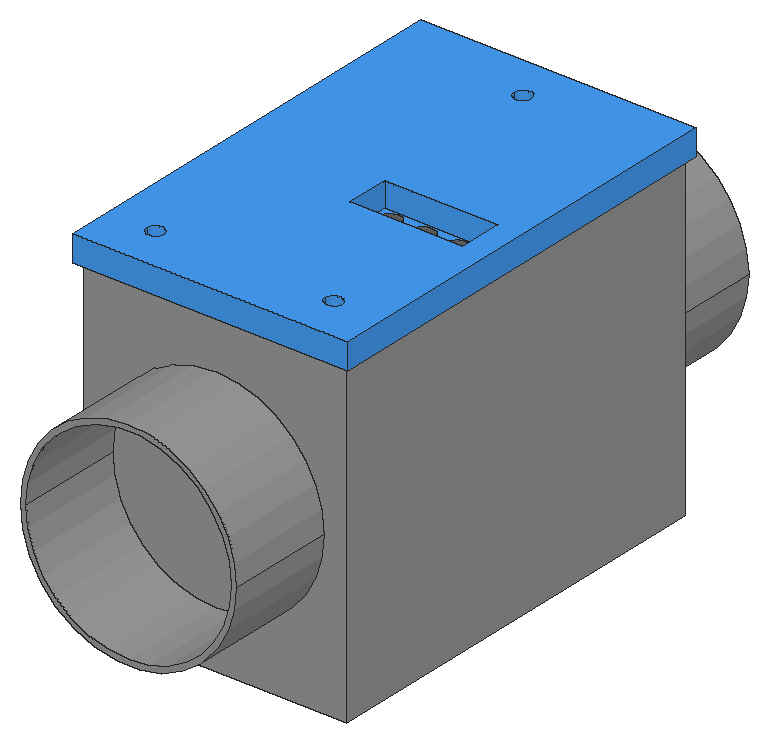
Revit family "CVDDamper", category Duct Accessories, Revit 2015
Parameters (values of type "CVD100")
  Width = 127 mm
  Weight = 2.00 kg
  Voltage = if(Electrical Phase = 3, 400 V, 230 V)  # 230 V
  Unit Description = "Constant Volume Damper"
  Spigot Diameter = 100 mm
  Revit Family Last Revised = "30/10/18"  # constant formula
  Quote/Order Location Reference = ""
  OmniClass Title = "Fans"
  OmniClass Number = "23-33 31 19"
  Number of Connection Poles = 2
  Nuaire Quote/Order Reference = ""
  Nuaire Model Code = "CVD100"
  Manufacturer Name = "Nuaire"  # constant formula
  Length = 201 mm
  IFCExportAs = "IfcFanType"
  ID = Spigot Diameter - 5 mm  # 95 mm
  Model Drawn by = "Michael Grote"  # constant formula
  Maximum Ambient Temperature = 40 °C
  Height = 160 mm
  Electrical Phase = 1
  Classification.Uniclass.Pr.Number = "Pr_65_67_29"
  Classification.Uniclass.Pr.Description = "Fans"
  CVD100 = yes
  URL = "http://www.nuaire.co.uk"
  Warranty Period = "3 Years"
  Weatherproof or Internal Only = "Internal"
  Manufacturer = Manufacturer Name  # "Nuaire"
  Description = Unit Description  # "Constant Volume Damper"
  Air Flow [instance] = 0.0 L/s
  Address = "Western Industrial Estate, Caerphilly, UK"  # constant formula
  Postcode = "CF83 1NA"  # constant formula
  Telephone Number = "+44(0)2920-858-200"  # constant formula
  Fax Number = "+44(0)2920-858-222"  # constant formula
  Email Address = "info@nuaire.co.uk"  # constant formula
  VAT Registration Number = "877308"  # constant formula
  Model = Nuaire Model Code  # "CVD100"
  Spigot Radius = Spigot Diameter / 2  # 50 mm
Types (4, lengths in mm): name | Width | Weight | Spigot Diameter | OmniClass Title | OmniClass Number | Nuaire Model Code | Length | IFCExportAs | ID | Height | Classification.Uniclass.Pr.Number | Classification.Uniclass.Pr.Description | CVD100 | Model | Spigot Radius
  CVD100 | 127 | 2.00 kg | 100 | "Fans" | "23-33 31 19" | "CVD100" | 201 | "IfcFanType" | 95 | 160 | "Pr_65_67_29" | "Fans" | yes | "CVD100" | 50
  CVD200 | 230 | 4.00 kg | 200 | "" | "" | "CVD200" | 300 | "" | 195 | 275 | "" | "" | no | "CVD200" | 100
  CVD125 | 180 | 3.50 kg | 125 | "" | "" | "CVD125" | 300 | "" | 120 | 195 | "" | "" | no | "CVD125" | 62.5
  CVD150 | 200 | 3.70 kg | 150 | "" | "" | "CVD150" | 300 | "" | 145 | 220 | "" | "" | no | "CVD150" | 75
Reference planes
  plane 1 "Center (Front/Back)": y = 0
  plane 2: z = 0
  plane 3 "Center (Left/Right)": x = 0
Dimensions and locks
  locked: plane 1 "Center (Front/Back)" to nested 2 at 40
  aligned and locked: level to plane 2
  aligned and locked: level to nested 1
  aligned and locked: plane 3 "Center (Left/Right)" to nested 2
Nested families
  nested 1: "cvd_base" at (0, 0, -74), type "cvd_base"
    with Air Flow 0.0 L/s, Width 127 mm, Weight 2.00 kg, Spigot Diameter 100 mm, Length 201 mm, ID 95 mm, Height 160 mm, Spigot Radius 50 mm
  nested 2: "label_nuaire_logo" at (0, 40, 86), type "label_nuaire_logo"
    with Scale Factor 267.715 mm, Actual Scale 93.7 mm
Connectors
  hvac at (0, -147.5, 0), driven by "Spigot Radius", driven by "Air Flow"
    settings: on nested 1, index 1, duct flow 0.0 L/s, flow factor 0, pres drop 0.0 Pa, loss coef 0, conn angle 0.00°, conn width 304.8 mm, conn height 304.8 mm, conn diameter 100 mm, duct sys type 29, conn prof type 0, flow config 0, flow direction 2, loss method 0, conn ref index -1, conn util no, is conn primary yes, conn desc "Discharge"
  hvac at (0, 147.5, 0), driven by "Spigot Radius", driven by "Air Flow"
    settings: on nested 1, index 2, duct flow 0.0 L/s, flow factor 0, pres drop 0.0 Pa, loss coef 0, conn angle 0.00°, conn width 304.8 mm, conn height 304.8 mm, conn diameter 100 mm, duct sys type 29, conn prof type 0, flow config 0, flow direction 1, loss method 0, conn ref index -1, conn util no, is conn primary no, conn desc "Intake"
  electrical at (60.5, 0, 0), driven by "Number of Connection Poles", driven by "Voltage"
    settings: on nested 1, index 3, voltage 230 V, apparent load 0 VA, apparent load phase1 0 VA, apparent load phase2 0 VA, apparent load phase3 0 VA, power factor 1, load classification "Other", number of poles 2, system type 30, power factor state 1, is connector primary yes, connector utility no, sub classification motor no, connector description "Power Supply"
Definition of nested family "cvd_base"
  Parameters
    Width = 180 mm
    Weight = 3.50 kg
    Voltage = if(Electrical Phase = 3, 400 V, 230 V)  # 230 V
    Unit Description = "Constant Volume Damper"
    Spigot Diameter = 125 mm
    Revit Family Last Revised = "25/07/16"
    Quote/Order Location Reference = ""
    Number of Connection Poles = 2
    Nuaire Quote/Order Reference = ""
    Nuaire Model Code = "CVD125"
    Manufacturer Name = "Nuaire"  # constant formula
    Length = 300 mm
    ID = Spigot Diameter - 5 mm  # 120 mm
    Model Drawn by = "Michael Grote"  # constant formula
    Maximum Ambient Temperature = 40 °C
    Height = 195 mm
    Electrical Phase = 1
    CVD100 = no
    URL = "http://www.nuaire.co.uk"
    Warranty Period = "3 Years"
    Weatherproof or Internal Only = "Internal"
    Manufacturer = Manufacturer Name  # "Nuaire"
    Description = Unit Description  # "Constant Volume Damper"
    Air Flow [instance] = 0.0 L/s
    Address = "Western Industrial Estate, Caerphilly, UK"  # constant formula
    Postcode = "CF83 1NA"  # constant formula
    Telephone Number = "+44(0)2920-858-200"  # constant formula
    Fax Number = "+44(0)2920-858-222"  # constant formula
    Email Address = "info@nuaire.co.uk"  # constant formula
    VAT Registration Number = "877308"  # constant formula
    Model = Nuaire Model Code  # "CVD125"
    Spigot Radius = Spigot Diameter / 2  # 62.5 mm
  Reference planes
    plane 1 "Center (Front/Back)": y = 0
    plane 2: z = 0
    plane 3 "Center (Left/Right)": x = 0
    plane 4: x = 90
    plane 5: x = -90
    plane 6: y = 150
    plane 7: y = -150
    plane 8: z = 195
    plane 9: z = 91.5
    plane 10: z = 183
    plane 11: y = -147
    plane 12: y = 147
    plane 13: x = -87
    plane 14: x = 87
    plane 15: y = -197
    plane 16: y = 197
    plane 17: y = 129.448
    plane 18: y = -130.098
    plane 19: x = -67.614
    plane 20: x = 67.614
    plane 21: z = -5
    plane 22: y = -108.5
    plane 23: y = 108.5
  Forms (mm)
    Extrusion 1, solid
      sketch origin (0, 0, 0) x (1, 0, 0) y (0, 1, 0)
        loop
          line (-87, 147) -> (-87, -147) -> (87, -147) -> (87, 147) -> (-87, 147)
      from 0 to 183
    Extrusion 2, solid
      sketch origin (0, 0, 0) x (1, 0, 0) y (0, 0, 1)
        loop
          line (-90, 195) -> (-90, 183) -> (90, 183) -> (90, 195) -> (-90, 195)
      from -150 to 150
    Extrusion 3, solid
      sketch origin (0, 0, 0) x (1, 0, 0) y (0, 0, 1)
        loop
          circle (0, 91.5) r 62.5
        loop
          circle (0, 91.5) r 60
      from 147 to 197
    Extrusion 4, solid
      sketch origin (0, 0, 0) x (1, 0, 0) y (0, 0, -1)
        loop
          circle (0, -91.5) r 62.5
        loop
          circle (0, -91.5) r 60
      from 147 to 197
    Extrusion 5, void
      sketch origin (0, 0, 0) x (1, 0, 0) y (0, 1, 0)
        loop
          line (0, 0) -> (0, -20) -> (52.424, -20) -> (52.424, 0) -> (0, 0)
      from 183.714 to 195
    Extrusion 6, solid
      sketch origin (0, 0, 0) x (1, 0, 0) y (0, 1, 0)
        loop
          circle (26.058, -10) r 5
        loop
          circle (10.349, -10) r 5
        loop
          circle (41.768, -10) r 5
      from 183.714 to 186.622
    Extrusion 7, void
      sketch origin (0, 0, 0) x (1, 0, 0) y (0, 1, 0)
        loop
          circle (0, 129.448) r 4
        loop
          circle (-67.614, -130.098) r 4
        loop
          circle (67.614, -130.098) r 4
      from 183.714 to 195
  Cuts and joins
    Extrusion 5, Extrusion 7 cuts Extrusion 2
  Dimensions and locks
    equal spacing: plane 5, plane 3 "Center (Left/Right)", plane 4
    "Width": plane 5 to plane 4
    equal spacing: plane 6, plane 1 "Center (Front/Back)", plane 7
    "Length": plane 6 to plane 7
    equal spacing: plane 10, plane 9, level
    "Height": plane 8 to plane 2
    locked: plane 8 to plane 10 at 12
    locked: plane 11 to plane 7 at 3
    locked: plane 6 to plane 12 at 3
    locked: plane 4 to plane 14 at 3
    locked: plane 5 to plane 13 at 3
    locked: plane 15 to plane 11 at 50
    locked: plane 16 to plane 12 at 50
    locked: cut or joined group of Extrusion 2, Extrusion 5, Extrusion 7 to Extrusion 6 at 2.908
    Extrusion 5 to plane 1 "Center (Front/Back)" = 20 mm
    locked: plane 6 to plane 17 at 20.552
    locked: plane 20 to plane 4 at 22.386
    locked: plane 5 to plane 19 at 22.386
    locked: plane 7 to plane 18 at 19.902
    locked: plane 3 "Center (Left/Right)" to cut or joined group of Extrusion 2, Extrusion 5, Extrusion 7 at 52.424
    locked: cut or joined group of Extrusion 2, Extrusion 5, Extrusion 7 to plane 1 "Center (Front/Back)" at 20
    locked: level to plane 21 at 5
    locked: plane 8 to cut or joined group of Extrusion 2, Extrusion 5, Extrusion 7 at 11.286
    "Spigot Diameter": diameter of Extrusion 3 sketch curve
    "ID": diameter of Extrusion 3 sketch curve
    "Spigot Diameter": diameter of Extrusion 4 sketch curve
    "ID": diameter of Extrusion 4 sketch curve
    diameter of Extrusion 7 sketch curve = 8 mm  (x3)
    aligned and locked: level to plane 2
    aligned and locked: plane 14 to Extrusion 1
    aligned and locked: Extrusion 1 to plane 13
    aligned and locked: Extrusion 2 sketch curve to plane 8
    aligned and locked: Extrusion 2 sketch curve to plane 5
    aligned and locked: plane 10 to Extrusion 2 sketch curve
    aligned and locked: Extrusion 2 sketch curve to plane 4
    aligned and locked: plane 6 to Extrusion 2
    aligned and locked: plane 7 to Extrusion 2
    aligned and locked: Extrusion 3 to plane 11
    aligned and locked: Extrusion 3 to plane 15
    aligned and locked: Extrusion 4 to plane 12
    aligned and locked: Extrusion 4 to plane 16
    aligned and locked: plane 1 "Center (Front/Back)" to Extrusion 5 sketch curve
    aligned and locked: plane 3 "Center (Left/Right)" to Extrusion 5 sketch curve
    aligned and locked: plane 8 to Extrusion 5
    aligned and locked: cut or joined group of Extrusion 2, Extrusion 5, Extrusion 7 to Extrusion 6
    aligned and locked: plane 10 to Extrusion 1
    aligned and locked: plane 8 to Extrusion 7
    aligned and locked: Extrusion 7 to cut or joined group of Extrusion 2, Extrusion 5, Extrusion 7
  Automatic sketch dimensions
    plane 11 to Extrusion 1 sketch curve = 0 mm
    Extrusion 1 sketch curve to plane 13 = 0 mm
    Extrusion 1 sketch curve to plane 14 = 0 mm
    Extrusion 1 sketch curve to plane 12 = 0 mm
    Extrusion 5 sketch curve to plane 14 = 34.576 mm
    plane 3 "Center (Left/Right)" to Extrusion 6 sketch curve = 10.349 mm
    Extrusion 6 sketch curve to Extrusion 6 sketch curve = 15.709 mm  (x2)
    plane 1 "Center (Front/Back)" to Extrusion 6 sketch curve = 10 mm  (x3)
    plane 1 "Center (Front/Back)" to Extrusion 5 sketch curve = 20 mm
    Extrusion 7 sketch curve to plane 18 = 0 mm  (x2)
    Extrusion 7 sketch curve to plane 19 = 0 mm
    Extrusion 7 sketch curve to plane 3 "Center (Left/Right)" = 0 mm
    Extrusion 7 sketch curve to plane 20 = 0 mm
    Extrusion 7 sketch curve to plane 17 = 0 mm
    Extrusion 3 sketch curve to Extrusion 3 sketch curve = 0 mm  (x2)
    Extrusion 3 sketch curve to plane 3 "Center (Left/Right)" = 0 mm
    Extrusion 3 sketch curve to plane 9 = 0 mm
    Extrusion 4 sketch curve to Extrusion 4 sketch curve = 0 mm  (x2)
    Extrusion 4 sketch curve to plane 3 "Center (Left/Right)" = 0 mm
    Extrusion 4 sketch curve to plane 9 = 0 mm
    radius of Extrusion 6 sketch curve = 5 mm  (x3)
  Nested families
    nested 1: "Family1" at (0, 97.5, -5), visible <- "CVD100", type "Family1"
    nested 2: "Family1" at (0, -97.5, -5), visible <- "CVD100", type "Family1"
  Definition of nested family "Family1"
    Reference planes
      plane 1 "Center (Front/Back)": y = 0
      plane 2: z = 0
      plane 3 "Center (Left/Right)": x = 0
      plane 4: x = 61
      plane 5: y = 11
      plane 6: x = -61
    Forms (mm)
      Extrusion 1, solid
        sketch origin (0, 0, 0) x (1, 0, 0) y (0, 1, 0)
          loop
            line (-61, 11) -> (-61, 0) -> (61, 0) -> (61, 11) -> (57.022, 11) -> (57.022, 5.781)
            arc (57.022, 5.781) -> (54.201, 2.96) -> (51.38, 5.781) r 2.821
            line (51.38, 5.781) -> (51.38, 11) -> (-51.38, 11) -> (-51.38, 5.781)
            arc (-51.38, 5.781) -> (-54.201, 2.96) -> (-57.022, 5.781) r 2.821
            line (-57.022, 5.781) -> (-57.022, 11) -> (-61, 11)
        from 0 to 5
    Dimensions and locks
      plane 1 "Center (Front/Back)" to plane 5 = 11 mm
      aligned and locked: level to plane 2
      aligned and locked: Extrusion 1 sketch curve to plane 5
      aligned and locked: Extrusion 1 sketch curve to plane 1 "Center (Front/Back)"
      aligned and locked: Extrusion 1 sketch curve to plane 4
      aligned and locked: Extrusion 1 sketch curve to plane 6
Definition of nested family "label_nuaire_logo"
  Parameters
    Scale Factor [instance] = Scale * 452  # 452 mm
    Scale = 1 mm
    Actual Scale [instance] = Scale Factor * 0.35  # 158.2 mm
  Reference planes
    plane 1 "Center (Front/Back)": y = 0
    plane 2: z = 0
    plane 3 "Center (Left/Right)": x = 0
  Lines and regions (mm)
    reference lines
      curve 1: line (79.1, -32.13, 0) -> (79.1, 30, 0)
      curve 2: line (-79.1, -32.13, 0) -> (-79.1, 30, 0)
  Dimensions and locks
    equal spacing: curve 2, plane 3 "Center (Left/Right)", curve 1
    "Actual Scale": curve 2 to curve 1
    aligned and locked: level to plane 2
  Automatic sketch dimensions
    plane 1 "Center (Front/Back)" to curve 2 = 32.13 mm
    plane 1 "Center (Front/Back)" to curve 1 = 32.13 mm
    curve 2 to plane 1 "Center (Front/Back)" = 30 mm
    curve 1 to plane 1 "Center (Front/Back)" = 30 mm
  Nested families
    nested 1: "logo_stage2" at (10, 0, 0), type "logo_stage2"
  Definition of nested family "logo_stage2"
    Parameters
      Height = 452 mm
    Reference planes
      plane 1 "Center (Front/Back)": y = 0
      plane 2: z = 0
      plane 3 "Center (Left/Right)": x = 0
    Dimensions and locks
      aligned and locked: level to plane 2
    Nested families
      nested 1: "logo_stage1" at (0, 0, 0), type "logo_stage1"
    Definition of nested family "logo_stage1"
      Parameters
        Height = 1300 mm
      Reference planes
        plane 1 "Center (Front/Back)": y = 0
        plane 2: z = 0
        plane 3 "Center (Left/Right)": x = 0
      Lines and regions (mm)
        model lines
          curve 1: arc (7.927, 29.489, 0) -> (-47.363, 58.16, 0) -> (-106.604, 77.382, 0) r 378.77
          curve 2: arc (-106.604, 77.382, 0) -> (-163.216, 86.224, 0) -> (-220.277, 81.007, 0) r 233.393
          curve 3: arc (-246.965, 20.991, 0) -> (-215.043, -15.792, 0) -> (-174.42, -42.657, 0) r 179.785
          curve 4: arc (-174.42, -42.657, 0) -> (-107.072, -70.342, 0) -> (-36.955, -89.99, 0) r 623.693
          curve 5: arc (-36.955, -89.99, 0) -> (-105.996, -69.023, 0) -> (-170.812, -37.319, 0) r 451.207
          curve 6: arc (-170.812, -37.319, 0) -> (-200.304, -16.562, 0) -> (-226.197, 8.542, 0) r 230.474
          curve 7: arc (-206.815, 72.232, 0) -> (-163.659, 78.527, 0) -> (-120.226, 74.571, 0) r 185.468
          curve 8: arc (-120.226, 74.571, 0) -> (-54.126, 57.782, 0) -> (7.927, 29.489, 0) r 381.393
          curve 9: line (-161.219, -24.259, 0) -> (-141.514, -24.259, 0)
          curve 10: line (-141.514, -24.259, 0) -> (-136.798, 0, 0)
          curve 11: arc (-136.798, 0, 0) -> (-133.437, 8.115, 0) -> (-125.322, 11.477, 0) r 11.477
          curve 12: arc (-125.322, 11.477, 0) -> (-118.479, 7.762, 0) -> (-117.869, 0, 0) r 8.158
          curve 13: line (-117.869, 0, 0) -> (-122.146, -24.259, 0)
          curve 14: line (-122.146, -24.259, 0) -> (-102.441, -24.259, 0)
          curve 15: line (-102.441, -24.259, 0) -> (-97.309, 4.849, 0)
          curve 16: arc (-97.309, 4.849, 0) -> (-99.379, 18.095, 0) -> (-110.885, 24.977, 0) r 15.794
          curve 17: arc (-110.885, 24.977, 0) -> (-122.995, 23.787, 0) -> (-133.701, 18.002, 0) r 30.821
          curve 18: line (-133.701, 18.002, 0) -> (-132.598, 24.255, 0)
          curve 19: line (-161.219, -24.259, 0) -> (-152.664, 24.255, 0)
          curve 20: line (-152.664, 24.255, 0) -> (-132.598, 24.255, 0)
          curve 21: line (-80.79, 24.255, 0) -> (-86.175, -3.448, 0)
          curve 22: arc (-86.175, -3.448, 0) -> (-83.467, -16.761, 0) -> (-72.138, -24.259, 0) r 17.751
          curve 23: arc (-72.138, -24.259, 0) -> (-59.938, -25.434, 0) -> (-47.739, -24.259, 0) r 63.934
          curve 24: arc (-47.739, -24.259, 0) -> (-34.611, -17.57, 0) -> (-27.023, -4.941, 0) r 26.727
          curve 25: line (-27.023, -4.941, 0) -> (-21.348, 24.255, 0)
          curve 26: line (-21.348, 24.255, 0) -> (-41.053, 24.255, 0)
          curve 27: line (-41.053, 24.255, 0) -> (-46.093, -1.676, 0)
          curve 28: arc (-46.093, -1.676, 0) -> (-50.186, -8.91, 0) -> (-57.808, -12.224, 0) r 13.097
          curve 29: arc (-57.808, -12.224, 0) -> (-64.693, -9.158, 0) -> (-65.742, -1.695, 0) r 7.773
          curve 30: line (-65.742, -1.695, 0) -> (-61.166, 24.255, 0)
          curve 31: line (-61.166, 24.255, 0) -> (-80.79, 24.255, 0)
          curve 32: arc (31.54, 19.236, 0) -> (16.208, 25.528, 0) -> (0, 22.075, 0) r 28.07
          curve 33: arc (0, 22.075, 0) -> (-10.88, 12.774, 0) -> (-17.338, 0, 0) r 36.434
          curve 34: arc (-17.338, 0, 0) -> (-15.613, -14.796, 0) -> (-4.047, -24.183, 0) r 19.761
          curve 35: arc (-4.047, -24.183, 0) -> (10.741, -24.948, 0) -> (24.166, -18.699, 0) r 30.688
          curve 36: line (24.166, -18.699, 0) -> (23.117, -24.098, 0)
          curve 37: line (23.117, -24.098, 0) -> (43.271, -24.098, 0)
          curve 38: line (43.271, -24.098, 0) -> (51.797, 24.255, 0)
          curve 39: line (51.797, 24.255, 0) -> (32.515, 24.255, 0)
          curve 40: line (32.515, 24.255, 0) -> (31.54, 19.236, 0)
          curve 41: arc (27.176, -3.213, 0) -> (27.314, 5.536, 0) -> (19.984, 10.314, 0) r 9.053
          curve 42: arc (19.984, 10.314, 0) -> (10.965, 8.578, 0) -> (4.044, 2.54, 0) r 17.627
          curve 43: arc (4.044, 2.54, 0) -> (3.437, -5.353, 0) -> (9.873, -9.961, 0) r 8.063
          curve 44: arc (9.873, -9.961, 0) -> (19.716, -9.642, 0) -> (27.176, -3.213, 0) r 14.789
          curve 45: line (64.987, 24.255, 0) -> (85.001, 24.255, 0)
          curve 46: line (85.001, 24.255, 0) -> (76.475, -24.098, 0)
          curve 47: line (76.475, -24.098, 0) -> (56.461, -24.098, 0)
          curve 48: line (56.461, -24.098, 0) -> (64.987, 24.255, 0)
          curve 49: line (97.733, 24.255, 0) -> (117.438, 24.255, 0)
          curve 50: line (117.438, 24.255, 0) -> (116.079, 16.546, 0)
          curve 51: arc (116.079, 16.546, 0) -> (127.306, 23.283, 0) -> (140.3, 24.886, 0) r 31.571
          curve 52: line (140.3, 24.886, 0) -> (137.316, 7.965, 0)
          curve 53: arc (137.316, 7.965, 0) -> (129.144, 9.507, 0) -> (120.972, 7.965, 0) r 22.429
          curve 54: arc (120.972, 7.965, 0) -> (114.704, 2.976, 0) -> (112.337, -4.677, 0) r 13.585
          curve 55: line (112.337, -4.677, 0) -> (108.912, -24.098, 0)
          curve 56: line (108.912, -24.098, 0) -> (89.207, -24.098, 0)
          curve 57: line (89.207, -24.098, 0) -> (97.733, 24.255, 0)
          curve 58: arc (93.618, 47.57, 0) -> (74.854, 53.038, 0) -> (55.359, 51.64, 0) r 55.33
          curve 59: arc (93.618, 47.57, 0) -> (97.282, 41.659, 0) -> (93.618, 35.747, 0) r 6.601
          curve 60: arc (93.618, 35.747, 0) -> (84.065, 32.23, 0) -> (73.978, 30.85, 0) r 47.065
          curve 61: arc (73.978, 30.85, 0) -> (80.846, 32.41, 0) -> (86.601, 36.47, 0) r 18.116
          curve 62: arc (86.601, 36.47, 0) -> (88.036, 41.905, 0) -> (84.218, 46.03, 0) r 5.836
          curve 63: arc (84.218, 46.03, 0) -> (70.224, 51.08, 0) -> (55.359, 51.64, 0) r 48.391
          curve 64: line (157.905, -2.864, 0) -> (199.286, -2.864, 0)
          curve 65: arc (199.286, -2.864, 0) -> (197.145, 14.652, 0) -> (182.34, 24.255, 0) r 20.852
          curve 66: arc (182.34, 24.255, 0) -> (165.366, 23.801, 0) -> (149.457, 17.863, 0) r 51.614
          curve 67: arc (149.457, 17.863, 0) -> (140.348, 5.451, 0) -> (139.348, -9.912, 0) r 27.469
          curve 68: arc (139.348, -9.912, 0) -> (144.958, -19.523, 0) -> (155.103, -24.098, 0) r 18.276
          curve 69: arc (155.103, -24.098, 0) -> (178.591, -23.478, 0) -> (196.981, -8.856, 0) r 37.046
          curve 70: line (196.981, -8.856, 0) -> (178.291, -8.856, 0)
          curve 71: arc (178.291, -8.856, 0) -> (168.439, -13.819, 0) -> (158.586, -8.856, 0) r 12.261
          curve 72: arc (158.586, -8.856, 0) -> (157.442, -5.951, 0) -> (157.905, -2.864, 0) r 6.023
          curve 73: line (199.286, -2.864, 0) -> (157.905, -2.864, 0)
          curve 74: line (159.772, 7.114, 0) -> (183.418, 7.114, 0)
          curve 75: arc (183.418, 7.114, 0) -> (171.595, 14.487, 0) -> (159.772, 7.114, 0) r 13.165
          curve 76: arc (-206.815, 72.232, 0) -> (-234.166, 45.761, 0) -> (-226.197, 8.542, 0) r 39.242
          curve 77: arc (-220.277, 81.007, 0) -> (-248.829, 57.762, 0) -> (-246.965, 20.991, 0) r 40.723
      Dimensions and locks
        aligned and locked: level to plane 2
